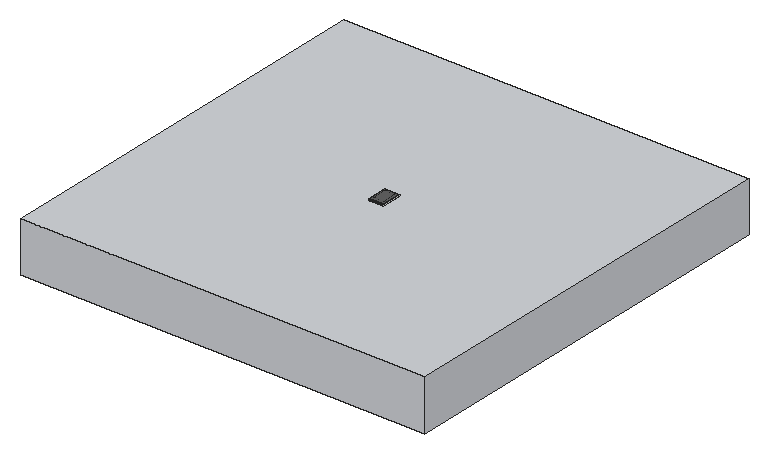
Revit family "Touch_panel-Z41_LIT-A_-S_-W_-AP_-SP_-WP", category Equipos especializados, Revit 2018
Family settings
  Anfitrión = Cara
  Cota de conector redondo = Diámetro de uso
  Tipo de pieza = Normal
  Corte con vacíos al cargar = No
  Compartido = No
  Punto de cálculo de habitación = No
Parameters (values of type "ZVI-Z41LIT-A_surface")
  Width = 90.2 mm  # constant formula
  Weight = if(Constraints = 1, "229g", if(Constraints = 2, "221g including battery 1g", ""))  # "229g"
  Voltage typical (KNX supply) = "29VDC SELV"  # constant formula
  Voltage range (KNX supply) = "21...31VDC"  # constant formula
  USB connector = "Mini USB Type A connector. Version 2.0"  # constant formula
  URL = "http://www.zennio.com/en"
  Touch screen material = Touch screen
  Thermostats = 2  # constant formula
  Temperature sensor (resolution) = "0.1ºC"  # constant formula
  Temperature sensor (measuring range) = "-10ºC to +50ºC"  # constant formula
  Surface = if(Constraints3 = 1, 1 = 1, 1 = 0)  # yes
  Storage temperature = "-20ºC to +60ºC"  # constant formula
  Storage humidity = "5 to 95% RH (no condensation)"  # constant formula
  Protection class = "III"  # constant formula
  Product Page URL = "http://www.zennio.com/products/touch-panels-room-controllers/z41-lite"
  PCB CTI index = "175 V"  # constant formula
  Orientation = "Portrait or landscape"  # constant formula
  Operation type = "Continuous operation"  # constant formula
  Operating temperature = "0ºC to +45ºC"  # constant formula
  Operating humidity = "5 to 95% RH (no condensation)"  # constant formula
  Modelo = if(and(Constraints = 1, Constraints2 = 1, Constraints3 = 1), "ZVI-Z41LIT-A_surface", if(and(Constraints = 1, Constraints2 = 1, Constraints3 = 2), "ZVI-Z41LIT-A_flush", if(and(Constraints = 2, Constraints2 = 1, Constraints3 = 1), "ZVI-Z41LIT-AP_surface", if(and(Constraints = 2, Constraints2 = 1, Constraints3 = 2), "ZVI-Z41LIT-AP_flush", if(and(Constraints = 1, Constraints2 = 2, Constraints3 = 1), "ZVI-Z41LIT-S_surface", if(and(Constraints = 1, Constraints2 = 2, Constraints3 = 2), "ZVI-Z41LIT-S_flush", if(and(Constraints = 2, Constraints2 = 2, Constraints3 = 1), "ZVI-Z41LIT-SP_surface", if(and(Constraints = 2, Constraints2 = 2, Constraints3 = 2), "ZVI-Z41LIT-SP_flush", if(and(Constraints = 1, Constraints2 = 3, Constraints3 = 1), "ZVI-Z41LIT-W_surface", if(and(Constraints = 1, Constraints2 = 3, Constraints3 = 2), "ZVI-Z41LIT-W_flush", if(and(Constraints = 2, Constraints2 = 3, Constraints3 = 1), "ZVI-Z41LIT-WP_surface", if(and(Constraints = 2, Constraints2 = 3, Constraints3 = 2), "ZVI-Z41LIT-WP_flush", " "))))))))))))  # "ZVI-Z41LIT-A_surface"
  Maximum consumption 29 VDC typical = "6mA, 174mW"  # constant formula
  Maximum consumption 24 VDC = "10mA, 240mW"  # constant formula
  Manufacturer Phone Number = "+34 925 232 002"  # constant formula
  Manufacturer Email = "info@zennio.com"  # constant formula
  Manufacturer Address = "C/ Río Jarama, 132. Nave P-8.11. 45007 Toledo. España"  # constant formula
  Fabricante = "Zennio Avance y Tecnología, S.L."  # constant formula
  Internal clock = "Real Time Clock (RTC) with watch battery"  # constant formula
  Housing material = PC/ABS FR V0 halogen free - Anthracite
  Height = 122.7 mm  # constant formula
  Frame material = Aluminium frame
  Flush = if(Constraints3 = 2, 1 = 1, 1 = 0)  # no
  Fit = "Magnetic fit"  # constant formula
  External power supply connection = "Pluggable screw terminal block"  # constant formula
  External power supply = "12-29 VDC. Maximum consumption: 150mA (12VDC), 76mA (24VDC), 63mA (29VDC)"  # constant formula
  Electrical stress period = "Long"  # constant formula
  Display Type = "16 million colors LCD display"  # constant formula
  Direct control (indicator functions) = 96  # constant formula
  Device action type = "Type 1"  # constant formula
  Descripción = "4.1'' Color Capacitive Touch Panel"  # constant formula
  Depth_total = 30 mm  # constant formula
  Depth = 12 mm  # constant formula
  Degree of protection = "IP20, clean environment"  # constant formula
  Default Elevation = 1219.2 mm
  Copyright = "© 2017 Zennio Avance y Tecnología, S.L."  # constant formula
  Constraints3 = 1
  Constraints2 = 1
  Constraints = 1
  Connection type = "Typical TP1 bus connector for rigid cable 0.80 mm diameter"  # constant formula
  Configurable pages = 12  # constant formula
  Complementary characteristics = "Class B"  # constant formula
  BCU = "Integrated KNX BCU"  # constant formula
  Analog/digital inputs = 2  # constant formula
Types (13, lengths in mm): name | Weight | Surface | Modelo | Housing material | Frame material | Flush | Constraints3 | Constraints2 | Constraints
  (no name) | "229g" | yes | "ZVI-Z41LIT-A_surface" | PC/ABS FR V0 halogen free - Anthracite | Aluminium frame | no | 1 | 1 | 1
  ZVI-Z41LIT-AP_surface | "221g including battery 1g" | yes | "ZVI-Z41LIT-AP_surface" | PC/ABS FR V0 halogen free - Anthracite | Polycarbonate frame - Anthracite | no | 1 | 1 | 2
  ZVI-Z41LIT-SP_surface | "221g including battery 1g" | yes | "ZVI-Z41LIT-SP_surface" | PC/ABS FR V0 halogen free - Silver | Polycarbonate frame - Silver | no | 1 | 2 | 2
  ZVI-Z41LIT-WP_surface | "221g including battery 1g" | yes | "ZVI-Z41LIT-WP_surface" | PC/ABS FR V0 halogen free - White | Polycarbonate frame - White | no | 1 | 3 | 2
  ZVI-Z41LIT-AP_flush | "221g including battery 1g" | no | "ZVI-Z41LIT-AP_flush" | PC/ABS FR V0 halogen free - Anthracite | Polycarbonate frame - Anthracite | yes | 2 | 1 | 2
  ZVI-Z41LIT-SP_flush | "221g including battery 1g" | no | "ZVI-Z41LIT-SP_flush" | PC/ABS FR V0 halogen free - Silver | Polycarbonate frame - Silver | yes | 2 | 2 | 2
  ZVI-Z41LIT-WP_flush | "221g including battery 1g" | no | "ZVI-Z41LIT-WP_flush" | PC/ABS FR V0 halogen free - White | Polycarbonate frame - White | yes | 2 | 3 | 2
  ZVI-Z41LIT-A_surface | "229g" | yes | "ZVI-Z41LIT-A_surface" | PC/ABS FR V0 halogen free - Anthracite | Aluminium frame | no | 1 | 1 | 1
  ZVI-Z41LIT-A_flush | "229g" | no | "ZVI-Z41LIT-A_flush" | PC/ABS FR V0 halogen free - Anthracite | Aluminium frame | yes | 2 | 1 | 1
  ZVI-Z41LIT-S_surface | "229g" | yes | "ZVI-Z41LIT-S_surface" | PC/ABS FR V0 halogen free - Silver | Aluminium frame | no | 1 | 2 | 1
  ZVI-Z41LIT-S_flush | "229g" | no | "ZVI-Z41LIT-S_flush" | PC/ABS FR V0 halogen free - Silver | Aluminium frame | yes | 2 | 2 | 1
  ZVI-Z41LIT-W_surface | "229g" | yes | "ZVI-Z41LIT-W_surface" | PC/ABS FR V0 halogen free - White | Aluminium frame | no | 1 | 3 | 1
  ZVI-Z41LIT-W_flush | "229g" | no | "ZVI-Z41LIT-W_flush" | PC/ABS FR V0 halogen free - White | Aluminium frame | yes | 2 | 3 | 1
Reference planes
  plane 1 "Center (Front/Back)": y = 0
  plane 2 "Ref. 1 top bis": z = 0
  plane 3 "Center (Left/Right)": x = 0
  plane 4 "Ref. left 1": x = -45.1
  plane 5 "Ref. 1 right": x = 45.1
  plane 6 "Ref. 1 front": y = 61.35
  plane 7 "Ref. 1 back": y = -61.35
  plane 8 "Ref. 2 front": y = 59.4
  plane 9 "Ref. 2 back": y = -59.4
  plane 10 "Ref. 2 left": x = -43.1
  plane 11 "Ref. 2 right": x = 43.1
  plane 12 "Ref. 3 left": x = -31
  plane 13 "Ref. 3 right": x = 31
  plane 14 "Ref. 3 front": y = 41.5
  plane 15 "Ref. 3 back": y = -41.5
  plane 16 "Ref. 1 top": z = 12
  plane 17 "Ref. 1 bottom": z = -18
  plane 18 "Ref. 2 bottom": z = 3
  plane 19 "Ref. 2 top": z = 10.5
  plane 20 "Ref. 3 bottom": z = 11
  plane 21 "Ref. 1 left bis": x = -45.1
  plane 22 "Ref. 2 left bis": x = -43.1
  plane 23 "Ref. 3 left bis": x = -31
  plane 24 "Ref. 1 right bis": x = 45.1
  plane 25 "Ref. 2 right bis": x = 43.1
  plane 26 "Ref. 3 right bis": x = 31
  plane 27 "Ref. 1 front bis": y = 61.35
  plane 28 "Ref. 2 front bis": y = 59.4
  plane 29 "Ref. 3 front bis": y = 41.5
  plane 30 "Ref. 1 back bis": y = -61.35
  plane 31 "Ref. 2 back bis": y = -59.4
  plane 32 "Ref. 3 back bis": y = -41.5
  plane 33 "Ref. 1 bottom bis": z = -30
  plane 34 "Ref. 2 bottom bis": z = -12
  plane 35 "Ref. 3 bottom bis": z = -9
  plane 36 "Ref. 3 top bis": z = -1.5
  plane 37 "Ref. 4 bottom bis": z = -1
Forms (mm)
  Extrusion 1, solid
    sketch origin (0, 0, 0) x (1, 0, 0) y (0, 1, 0)
      loop
        line (-1219.2, 1219.2) -> (-1219.2, -1219.2) -> (1219.2, -1219.2) -> (1219.2, 1219.2) -> (-1219.2, 1219.2)
    from 0 to -304.8
  Extrusion 2, solid, material "Aluminium frame" <- "Frame material", visible <- "Surface", detail levels coarse
    sketch origin (0, 0, 0) x (1, 0, 0) y (0, 1, 0)
      loop
        line (-45.1, -61.35) -> (45.1, -61.35) -> (45.1, 61.35) -> (-45.1, 61.35) -> (-45.1, -61.35)
    from 3 to 10.5
  Extrusion 3, solid, material "Aluminium frame" <- "Frame material", visible <- "Surface", detail levels medium+fine
    sketch origin (0, 0, 0) x (1, 0, 0) y (0, 1, 0)
      loop
        arc (-43.1, 61.35) -> (-44.514, 60.764) -> (-45.1, 59.35) r 2
        line (-45.1, 59.35) -> (-45.1, -59.35)
        arc (-45.1, -59.35) -> (-44.514, -60.764) -> (-43.1, -61.35) r 2
        line (-43.1, -61.35) -> (43.05, -61.35)
        arc (43.05, -61.35) -> (44.5, -60.75) -> (45.1, -59.3) r 2.05
        line (45.1, -59.3) -> (45.1, 59.35)
        arc (45.1, 59.35) -> (44.514, 60.764) -> (43.1, 61.35) r 2
        line (43.1, 61.35) -> (-43.1, 61.35)
    from 3 to 10.5
  Extrusion 4, solid, material "Touch screen" <- "Touch screen material", visible <- "Surface"
    sketch origin (0, 0, 0) x (1, 0, 0) y (0, 1, 0)
      loop
        line (31, 41.5) -> (-31, 41.5) -> (-31, -41.5) -> (31, -41.5) -> (31, 41.5)
    from 11 to 12
  Extrusion 5, solid, material "PC/ABS FR V0 halogen free - Anthracite" <- "Housing material", visible <- "Surface"
    sketch origin (0, 0, 0) x (1, 0, 0) y (0, 1, 0)
      loop
        line (-14, 25) -> (-25, 14) -> (-25, -14) -> (-14, -25) -> (14, -25) -> (25, -14) -> (25, 13.994) -> (13.994, 25) -> (-14, 25)
    from -18 to 0
  Extrusion 6, solid, material "PC/ABS FR V0 halogen free - Anthracite" <- "Housing material", visible <- "Surface"
    sketch origin (0, 0, 0) x (1, 0, 0) y (0, 1, 0)
      loop
        line (42.6, 59.4) -> (-42.6, 59.4)
        arc (-42.6, 59.4) -> (-42.954, 59.254) -> (-43.1, 58.9) r 0.5
        line (-43.1, 58.9) -> (-43.1, -58.9)
        arc (-43.1, -58.9) -> (-42.954, -59.254) -> (-42.6, -59.4) r 0.5
        line (-42.6, -59.4) -> (42.6, -59.4)
        arc (42.6, -59.4) -> (42.954, -59.254) -> (43.1, -58.9) r 0.5
        line (43.1, -58.9) -> (43.1, 58.9)
        arc (43.1, 58.9) -> (42.954, 59.254) -> (42.6, 59.4) r 0.5
    from 0 to 12
  Extrusion 7, solid, material "Aluminium frame" <- "Frame material", visible <- "Flush", detail levels coarse
    sketch origin (0, 0, 0) x (1, 0, 0) y (0, 1, 0)
      loop
        line (-45.1, 61.35) -> (-45.1, -61.35) -> (45.1, -61.35) -> (45.1, 61.35) -> (-45.1, 61.35)
    from -9 to -1.5
  Extrusion 8, solid, material "Aluminium frame" <- "Frame material", visible <- "Flush", detail levels medium+fine
    sketch origin (0, 0, 0) x (1, 0, 0) y (0, 1, 0)
      loop
        arc (-43.1, 61.35) -> (-44.514, 60.764) -> (-45.1, 59.35) r 2
        line (-45.1, 59.35) -> (-45.1, -59.35)
        arc (-45.1, -59.35) -> (-44.514, -60.764) -> (-43.1, -61.35) r 2
        line (-43.1, -61.35) -> (43.1, -61.35)
        arc (43.1, -61.35) -> (44.514, -60.764) -> (45.1, -59.35) r 2
        line (45.1, -59.35) -> (45.1, 59.35)
        arc (45.1, 59.35) -> (44.514, 60.764) -> (43.1, 61.35) r 2
        line (43.1, 61.35) -> (-43.1, 61.35)
    from -9 to -1.5
  Extrusion 9, solid, material "PC/ABS FR V0 halogen free - Anthracite" <- "Housing material", visible <- "Flush"
    sketch origin (0, 0, 0) x (1, 0, 0) y (0, 1, 0)
      loop
        arc (-42.6, 59.4) -> (-42.954, 59.254) -> (-43.1, 58.9) r 0.5
        line (-43.1, 58.9) -> (-43.1, -58.9)
        arc (-43.1, -58.9) -> (-42.954, -59.254) -> (-42.6, -59.4) r 0.5
        line (-42.6, -59.4) -> (42.6, -59.4)
        arc (42.6, -59.4) -> (42.954, -59.254) -> (43.1, -58.9) r 0.5
        line (43.1, -58.9) -> (43.1, 58.9)
        arc (43.1, 58.9) -> (42.954, 59.254) -> (42.6, 59.4) r 0.5
        line (42.6, 59.4) -> (-42.6, 59.4)
    from -12 to 0
  Extrusion 10, solid, material "Touch screen" <- "Touch screen material", visible <- "Flush"
    sketch origin (0, 0, 0) x (1, 0, 0) y (0, 1, 0)
      loop
        line (-31, 41.5) -> (-31, -41.5) -> (31, -41.5) -> (31, 41.5) -> (-31, 41.5)
    from -1 to 0
  Extrusion 11, solid, material "PC/ABS FR V0 halogen free - Anthracite" <- "Housing material", visible <- "Flush"
    sketch origin (0, 0, 0) x (1, 0, 0) y (0, 1, 0)
      loop
        line (-14, 25) -> (-25, 14) -> (-25, -14) -> (-14, -25) -> (14, -25) -> (25, -14) -> (25, 14) -> (14, 25) -> (-14, 25)
    from -30 to -12
Lines and regions (mm)
  reference lines
    curve 1: line (13.994, 25, 0) -> (-14, 25, 0)
    curve 2: line (-25, 14, 0) -> (-25, -14, 0)
    curve 3: line (-14, 25, 0) -> (-25, 14, 0)
    curve 4: line (25, -14, 0) -> (25, 13.994, 0)
    curve 5: line (14, -25, 0) -> (-14, -25, 0)
    curve 6: line (13.994, 25, 0) -> (25, 13.994, 0)
    curve 7: line (-25, -14, 0) -> (-14, -25, 0)
    curve 8: line (25, -14, 0) -> (14, -25, 0)
    curve 9: line (25, 0, -12) -> (-25, 0, -12)
    curve 10: line (-31, 25, -12) -> (31, 25, -12)
    curve 11: line (31, -25, -12) -> (-31, -25, -12)
    curve 12: line (25, 25, -12) -> (25, -25, -12)
    curve 13: line (-25, 25, -12) -> (-25, -25, -12)
    curve 14: line (-31, -8, -12) -> (-7.322, -31.678, -12)
    curve 15: line (31, -8, -12) -> (6.929, -32.071, -12)
    curve 16: line (8, 31, -12) -> (31, 8, -12)
    curve 17: line (-8, 31, -12) -> (-31, 8, -12)
Dimensions and locks
  equal spacing: plane 7 "Ref. 1 back", plane 1 "Center (Front/Back)", plane 6 "Ref. 1 front", locked at 61.35 each
  equal spacing: plane 4 "Ref. left 1", plane 3 "Center (Left/Right)", plane 5 "Ref. 1 right", locked at 45.1 each
  "Width": plane 4 "Ref. left 1" to plane 5 "Ref. 1 right"
  "Height": plane 7 "Ref. 1 back" to plane 6 "Ref. 1 front"
  equal spacing: plane 9 "Ref. 2 back", plane 1 "Center (Front/Back)", plane 8 "Ref. 2 front", locked at 59.4 each
  equal spacing: plane 10 "Ref. 2 left", plane 3 "Center (Left/Right)", plane 11 "Ref. 2 right", locked at 43.1 each
  equal spacing: plane 15 "Ref. 3 back", plane 1 "Center (Front/Back)", plane 14 "Ref. 3 front", locked at 41.5 each
  equal spacing: plane 12 "Ref. 3 left", plane 3 "Center (Left/Right)", plane 13 "Ref. 3 right", locked at 31 each
  locked: plane 2 "Ref. 1 top bis" to plane 16 "Ref. 1 top" at 12
  locked: plane 20 "Ref. 3 bottom" to plane 16 "Ref. 1 top" at 1
  locked: plane 19 "Ref. 2 top" to plane 20 "Ref. 3 bottom" at 0.5
  locked: plane 18 "Ref. 2 bottom" to plane 19 "Ref. 2 top" at 7.5
  equal spacing: plane 21 "Ref. 1 left bis", plane 3 "Center (Left/Right)", plane 24 "Ref. 1 right bis", locked at 45.1 each
  "Width": plane 21 "Ref. 1 left bis" to plane 24 "Ref. 1 right bis"
  equal spacing: plane 22 "Ref. 2 left bis", plane 3 "Center (Left/Right)", plane 25 "Ref. 2 right bis", locked at 43.1 each
  equal spacing: plane 23 "Ref. 3 left bis", plane 3 "Center (Left/Right)", plane 26 "Ref. 3 right bis", locked at 31 each
  equal spacing: plane 30 "Ref. 1 back bis", plane 1 "Center (Front/Back)", plane 27 "Ref. 1 front bis", locked at 61.35 each
  "Height": plane 30 "Ref. 1 back bis" to plane 27 "Ref. 1 front bis"
  equal spacing: plane 31 "Ref. 2 back bis", plane 1 "Center (Front/Back)", plane 28 "Ref. 2 front bis", locked at 59.4 each
  equal spacing: plane 32 "Ref. 3 back bis", plane 1 "Center (Front/Back)", plane 29 "Ref. 3 front bis", locked at 41.5 each
  locked: plane 34 "Ref. 2 bottom bis" to level at 12
  locked: plane 37 "Ref. 4 bottom bis" to plane 2 "Ref. 1 top bis" at 1
  locked: plane 36 "Ref. 3 top bis" to plane 37 "Ref. 4 bottom bis" at 0.5
  locked: plane 35 "Ref. 3 bottom bis" to plane 36 "Ref. 3 top bis" at 7.5
  locked: plane 33 "Ref. 1 bottom bis" to plane 2 "Ref. 1 top bis" at 30
  locked: plane 17 "Ref. 1 bottom" to plane 16 "Ref. 1 top" at 30
  aligned and locked: plane 2 "Ref. 1 top bis" to Extrusion 1
  aligned and locked: level to Extrusion 1
  aligned and locked: curve 3 to Extrusion 5
  aligned and locked: curve 1 to Extrusion 5
  aligned and locked: curve 6 to Extrusion 5
  aligned and locked: curve 4 to Extrusion 5
  aligned and locked: curve 8 to Extrusion 5
  aligned and locked: curve 5 to Extrusion 5
  aligned and locked: curve 7 to Extrusion 5
  aligned and locked: curve 2 to Extrusion 5
  aligned and locked: Extrusion 3 to plane 6 "Ref. 1 front"
  aligned and locked: Extrusion 2 to plane 6 "Ref. 1 front"
  aligned and locked: plane 4 "Ref. left 1" to Extrusion 3
  aligned and locked: plane 4 "Ref. left 1" to Extrusion 2
  aligned and locked: plane 7 "Ref. 1 back" to Extrusion 3
  aligned and locked: plane 7 "Ref. 1 back" to Extrusion 2
  aligned and locked: Extrusion 3 to plane 5 "Ref. 1 right"
  aligned and locked: Extrusion 2 to plane 5 "Ref. 1 right"
  aligned and locked: Extrusion 6 to plane 8 "Ref. 2 front"
  aligned and locked: plane 10 "Ref. 2 left" to Extrusion 6
  aligned and locked: plane 9 "Ref. 2 back" to Extrusion 6
  aligned and locked: Extrusion 6 to plane 11 "Ref. 2 right"
  aligned and locked: plane 12 "Ref. 3 left" to Extrusion 4
  aligned and locked: plane 15 "Ref. 3 back" to Extrusion 4
  aligned and locked: Extrusion 4 to plane 13 "Ref. 3 right"
  aligned and locked: Extrusion 4 to plane 14 "Ref. 3 front"
  aligned and locked: plane 17 "Ref. 1 bottom" to Extrusion 5
  aligned and locked: Extrusion 6 to plane 2 "Ref. 1 top bis"
  aligned and locked: Extrusion 6 to plane 16 "Ref. 1 top"
  aligned and locked: plane 18 "Ref. 2 bottom" to Extrusion 3
  aligned and locked: Extrusion 3 to plane 19 "Ref. 2 top"
  aligned and locked: plane 20 "Ref. 3 bottom" to Extrusion 4
  aligned and locked: Extrusion 4 to plane 16 "Ref. 1 top"
  aligned and locked: plane 2 "Ref. 1 top bis" to Extrusion 5
  aligned and locked: plane 21 "Ref. 1 left bis" to Extrusion 8
  aligned and locked: plane 21 "Ref. 1 left bis" to Extrusion 7
  aligned and locked: plane 22 "Ref. 2 left bis" to Extrusion 9
  aligned and locked: plane 23 "Ref. 3 left bis" to Extrusion 10
  aligned and locked: Extrusion 8 to plane 24 "Ref. 1 right bis"
  aligned and locked: Extrusion 7 to plane 24 "Ref. 1 right bis"
  aligned and locked: Extrusion 9 to plane 25 "Ref. 2 right bis"
  aligned and locked: Extrusion 10 to plane 26 "Ref. 3 right bis"
  aligned and locked: Extrusion 8 to plane 27 "Ref. 1 front bis"
  aligned and locked: Extrusion 7 to plane 27 "Ref. 1 front bis"
  aligned and locked: Extrusion 9 to plane 28 "Ref. 2 front bis"
  aligned and locked: Extrusion 10 to plane 29 "Ref. 3 front bis"
  aligned and locked: plane 32 "Ref. 3 back bis" to Extrusion 10
  aligned and locked: plane 31 "Ref. 2 back bis" to Extrusion 9
  aligned and locked: plane 30 "Ref. 1 back bis" to Extrusion 8
  aligned and locked: plane 30 "Ref. 1 back bis" to Extrusion 7
  aligned and locked: plane 33 "Ref. 1 bottom bis" to Extrusion 11
  aligned and locked: plane 34 "Ref. 2 bottom bis" to Extrusion 9
  aligned and locked: Extrusion 9 to plane 34 "Ref. 2 bottom bis"
  aligned and locked: plane 2 "Ref. 1 top bis" to Extrusion 9
  aligned and locked: plane 35 "Ref. 3 bottom bis" to Extrusion 8
  aligned and locked: Extrusion 7 to plane 36 "Ref. 3 top bis"
  aligned and locked: plane 37 "Ref. 4 bottom bis" to Extrusion 10
  aligned and locked: plane 2 "Ref. 1 top bis" to Extrusion 10
  aligned and locked: Extrusion 11 to plane 34 "Ref. 2 bottom bis"
  aligned and locked: Extrusion 8 to plane 36 "Ref. 3 top bis"
  aligned and locked: curve 17 to Extrusion 11
  aligned and locked: curve 13 to Extrusion 11
  aligned and locked: curve 14 to Extrusion 11
  aligned and locked: Extrusion 11 to curve 11
  aligned and locked: Extrusion 11 to curve 15
  aligned and locked: Extrusion 11 to curve 12
  aligned and locked: Extrusion 11 to curve 16
  aligned and locked: Extrusion 11 to curve 10
Automatic sketch dimensions
  Extrusion 1 sketch curve to Extrusion 1 sketch curve = 2438.4 mm  (x2)
  Extrusion 2 sketch curve to plane 3 "Center (Left/Right)" = 45.1 mm
  plane 3 "Center (Left/Right)" to Extrusion 2 sketch curve = 45.1 mm
  plane 1 "Center (Front/Back)" to Extrusion 2 sketch curve = 61.35 mm
  Extrusion 2 sketch curve to plane 1 "Center (Front/Back)" = 61.35 mm
  Extrusion 3 sketch curve to plane 3 "Center (Left/Right)" = 45.1 mm
  Extrusion 3 sketch curve to Extrusion 3 sketch curve = 2 mm  (x3)
  plane 3 "Center (Left/Right)" to Extrusion 3 sketch curve = 43.05 mm
  plane 3 "Center (Left/Right)" to Extrusion 3 sketch curve = 43.1 mm
  plane 1 "Center (Front/Back)" to Extrusion 3 sketch curve = 61.35 mm
  Extrusion 3 sketch curve to plane 1 "Center (Front/Back)" = 59.35 mm
  Extrusion 4 sketch curve to plane 3 "Center (Left/Right)" = 31 mm
  plane 3 "Center (Left/Right)" to Extrusion 4 sketch curve = 31 mm
  Extrusion 4 sketch curve to plane 1 "Center (Front/Back)" = 41.5 mm
  plane 1 "Center (Front/Back)" to Extrusion 4 sketch curve = 41.5 mm
  Extrusion 5 sketch curve to plane 3 "Center (Left/Right)" = 25 mm
  Extrusion 5 sketch curve to plane 3 "Center (Left/Right)" = 14 mm  (x2)
  plane 3 "Center (Left/Right)" to Extrusion 5 sketch curve = 13.994 mm
  plane 3 "Center (Left/Right)" to Extrusion 5 sketch curve = 14 mm
  Extrusion 5 sketch curve to Extrusion 5 sketch curve = 11.006 mm  (x2)
  plane 1 "Center (Front/Back)" to Extrusion 5 sketch curve = 25 mm
  plane 1 "Center (Front/Back)" to Extrusion 5 sketch curve = 14 mm  (x2)
  Extrusion 5 sketch curve to plane 1 "Center (Front/Back)" = 13.994 mm
  Extrusion 5 sketch curve to plane 1 "Center (Front/Back)" = 14 mm
  Extrusion 6 sketch curve to plane 4 "Ref. left 1" = 2 mm
  Extrusion 6 sketch curve to Extrusion 6 sketch curve = 0.5 mm  (x2)
  Extrusion 6 sketch curve to plane 3 "Center (Left/Right)" = 42.6 mm
  plane 5 "Ref. 1 right" to Extrusion 6 sketch curve = 2.5 mm  (x2)
  Extrusion 6 sketch curve to plane 7 "Ref. 1 back" = 1.95 mm
  plane 6 "Ref. 1 front" to Extrusion 6 sketch curve = 2.45 mm
  Extrusion 7 sketch curve to plane 4 "Ref. left 1" = 0 mm
  Extrusion 7 sketch curve to plane 5 "Ref. 1 right" = 0 mm
  plane 7 "Ref. 1 back" to Extrusion 7 sketch curve = 0 mm
  plane 6 "Ref. 1 front" to Extrusion 7 sketch curve = 0 mm
  Extrusion 8 sketch curve to plane 4 "Ref. left 1" = 0 mm
  Extrusion 8 sketch curve to plane 10 "Ref. 2 left" = 0 mm  (x2)
  plane 7 "Ref. 1 back" to Extrusion 8 sketch curve = 0 mm
  plane 6 "Ref. 1 front" to Extrusion 8 sketch curve = 0 mm
  Extrusion 8 sketch curve to plane 11 "Ref. 2 right" = 0 mm  (x2)
  Extrusion 8 sketch curve to plane 5 "Ref. 1 right" = 0 mm
  Extrusion 9 sketch curve to plane 10 "Ref. 2 left" = 0 mm
  plane 8 "Ref. 2 front" to Extrusion 9 sketch curve = 0 mm
  plane 9 "Ref. 2 back" to Extrusion 9 sketch curve = 0 mm
  Extrusion 9 sketch curve to plane 11 "Ref. 2 right" = 0 mm
  Extrusion 9 sketch curve to Extrusion 9 sketch curve = 0.5 mm
  plane 11 "Ref. 2 right" to Extrusion 9 sketch curve = 0.5 mm  (x2)
  Extrusion 9 sketch curve to plane 10 "Ref. 2 left" = 0.5 mm
  Extrusion 10 sketch curve to plane 12 "Ref. 3 left" = 0 mm
  Extrusion 10 sketch curve to plane 13 "Ref. 3 right" = 0 mm
  plane 15 "Ref. 3 back" to Extrusion 10 sketch curve = 0 mm
  plane 14 "Ref. 3 front" to Extrusion 10 sketch curve = 0 mm
  Extrusion 11 sketch curve to plane 12 "Ref. 3 left" = 6 mm
  Extrusion 11 sketch curve to plane 3 "Center (Left/Right)" = 14 mm  (x2)
  plane 3 "Center (Left/Right)" to Extrusion 11 sketch curve = 14 mm  (x2)
  plane 13 "Ref. 3 right" to Extrusion 11 sketch curve = 6 mm
  Extrusion 11 sketch curve to plane 15 "Ref. 3 back" = 16.5 mm
  plane 1 "Center (Front/Back)" to Extrusion 11 sketch curve = 14 mm  (x2)
  Extrusion 11 sketch curve to plane 1 "Center (Front/Back)" = 14 mm  (x2)
  Extrusion 11 sketch curve to Extrusion 11 sketch curve = 11 mm
  curve 9 to plane 34 "Ref. 2 bottom bis" = 0 mm
  curve 9 to plane 12 "Ref. 3 left" = 6 mm
  plane 13 "Ref. 3 right" to curve 9 = 6 mm
  curve 10 to plane 12 "Ref. 3 left" = 0 mm
  curve 10 to plane 13 "Ref. 3 right" = 0 mm
  plane 14 "Ref. 3 front" to curve 10 = 16.5 mm
  curve 13 to plane 12 "Ref. 3 left" = 6 mm
  curve 13 to plane 15 "Ref. 3 back" = 16.5 mm
  plane 13 "Ref. 3 right" to curve 12 = 6 mm
  curve 11 to plane 13 "Ref. 3 right" = 0 mm
  curve 11 to plane 12 "Ref. 3 left" = 0 mm
  curve 14 to plane 12 "Ref. 3 left" = 0 mm
  curve 14 to plane 15 "Ref. 3 back" = 9.822 mm
  plane 1 "Center (Front/Back)" to curve 14 = 8 mm
  curve 14 to plane 3 "Center (Left/Right)" = 7.322 mm
  curve 15 to plane 13 "Ref. 3 right" = 0 mm
  curve 15 to plane 15 "Ref. 3 back" = 9.429 mm
  plane 1 "Center (Front/Back)" to curve 15 = 8 mm
  plane 3 "Center (Left/Right)" to curve 15 = 6.929 mm
  curve 7 to plane 12 "Ref. 3 left" = 6 mm
  curve 1 to plane 3 "Center (Left/Right)" = 14 mm
  curve 5 to plane 3 "Center (Left/Right)" = 14 mm
  plane 3 "Center (Left/Right)" to curve 6 = 13.994 mm
  plane 3 "Center (Left/Right)" to curve 8 = 14 mm
  plane 13 "Ref. 3 right" to curve 4 = 6 mm
  curve 8 to plane 15 "Ref. 3 back" = 16.5 mm
  plane 1 "Center (Front/Back)" to curve 7 = 14 mm
  plane 1 "Center (Front/Back)" to curve 4 = 14 mm
  curve 6 to plane 1 "Center (Front/Back)" = 13.994 mm
  curve 2 to plane 1 "Center (Front/Back)" = 14 mm
  curve 2 to curve 1 = 11 mm
  curve 17 to plane 12 "Ref. 3 left" = 0 mm
  curve 16 to plane 13 "Ref. 3 right" = 0 mm
  curve 17 to plane 1 "Center (Front/Back)" = 8 mm
  curve 16 to plane 1 "Center (Front/Back)" = 8 mm
  plane 14 "Ref. 3 front" to curve 17 = 10.5 mm
  plane 14 "Ref. 3 front" to curve 16 = 10.5 mm
  plane 3 "Center (Left/Right)" to curve 16 = 8 mm
  curve 17 to plane 3 "Center (Left/Right)" = 8 mm
Connectors
  electrical at (0, 0, 0)
    settings: on Extrusion 6, index 1, voltage 0 V, apparent load 0 VA, apparent load phase1 0 VA, apparent load phase2 0 VA, apparent load phase3 0 VA, power factor 1, load classification "Otro", number of poles 1, system type 14, power factor state 1, is connector primary yes, connector utility no, sub classification motor no, connector description ""
